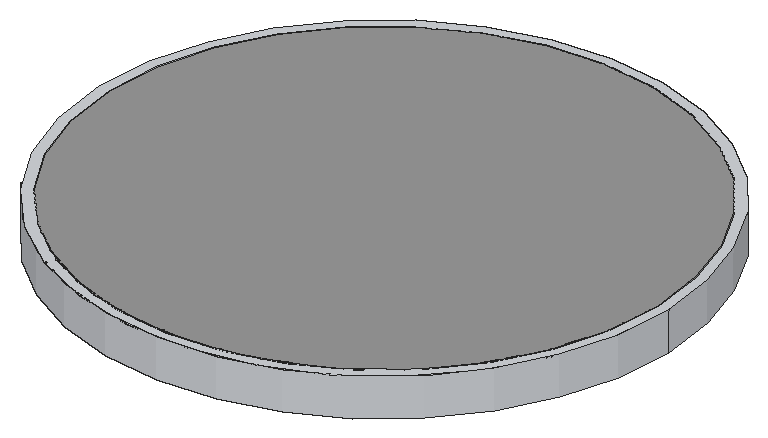
Revit family "2071236", category Lighting Fixtures, host Face, Revit 2018
Family settings
  Host = Face
  Round Connector Dimension = Use Diameter
  Part Type = Normal
  OmniClass Number = 23.80.70.00
  OmniClass Title = Lighting
  Cut with Voids When Loaded = No
  Light Source = Yes
  Shared = No
  Room Calculation Point = No
Parameters (values of type "2071236 COLOSSAL 900 830 OP DIR WHT SSC")
  iner diameter = 856 mm
  Weight = "n/a"
  Wattage Comments = ""
  Wattage = 30 W
  WarrantyStartDate [instance] = "n/a"
  WarrantyGuarantorParts = "n/a"
  WarrantyDurationUnit = "n/a"
  WarrantyDurationParts = ""
  WarrantyDescription = "http://www.sylvania-lighting.com"
  built-in parameter 1150110 = 1 (stored number, unit not read)
  Voltage = 230 V
  URL = "0.95"
  TypeName = "COLOSSAL 900mm 830 OPAL DIR WHITE SSC"
  Type Image = <None>
  Type Comments = "n/a"
  built-in parameter 1114217 = 1 (stored number, unit not read)
  Tilt Angle = -90.00°
  built-in parameter 1150109 = 1 (stored number, unit not read)
  built-in parameter 1150134 = (empty or 0)
  built-in parameter 1150113 = 1 (stored number, unit not read)
  SerialNumber [instance] = "n/a"
  Photometric Web File = "2071236.ies"
  Material_3_SYL = LED-Sylvania
  PowerFactor = 0
  PowerConsumption = "Lighting"
  NominalLength = 888 mm
  NominalHeight = 93 mm
  NominalDepth = 888 mm
  Name = "COLOSSAL 900mm 830 OPAL DIR WHITE SSC"
  ModelReference = Name  # "COLOSSAL 900mm 830 OPAL DIR WHITE SSC"
  ModelNumber = "2071236"
  Model = Name  # "COLOSSAL 900mm 830 OPAL DIR WHITE SSC"
  Material = "Feilo Sylvania"
  ManufacturerName = "135 lm/W"
  Manufacturer = ""
  LuminousEfficacy = ""
  built-in parameter 1150105 = 270.44 (stored number, unit not read)
  Lumens = 3398.4 lm
  LuminaireType = "0"
  built-in parameter 1150115 = 1 (stored number, unit not read)
  LightOutputRatio = "LED"
  built-in parameter 1150137 = (empty or 0)
  built-in parameter 1150139 = (empty or 0)
  LampsType = Lamp  # "n/a"
  LampNominalLuminous = "3000 K"
  LampMacAdamStep = "80"
  LampColourTemperature = "LED"
  LampColourRenderingIndex = "16500"
  built-in parameter 1150112 = 1 (stored number, unit not read)
  built-in parameter 1150114 = 1 (stored number, unit not read)
  Lamp = "n/a"
  Keynote = "n/a"
  InstallationDate [instance] = "n/a"
  InputVoltage = "0"
  InputNominalFrequency = "3000"
  built-in parameter 1150132 = (empty or 0)
  built-in parameter 1150102 = (empty or 0)
  built-in parameter 1150107 = 3000 (stored number, unit not read)
  built-in parameter 1150138 = (empty or 0)
  IngressProtection = "IfcLightFixtureType"
  ImpactProtectionIndex = "IfcLightFixtureType"
  built-in parameter 1150106 = 2.7044 (stored number, unit not read)
  IfcExportType = "IfcLightFixtureType"
  IfcExportAs = "Class I"
  Emit from Circle Diameter = 385 mm
  Emit Shape Visible in Rendering = no
  ElectricShockClassification = "135"
  built-in parameter 1150104 = 10.524 (stored number, unit not read)
  DocumentationLiterature = "http://www.sylvania-lighting.com/product/en-int/products/2071236"
  DimmingControlOptions = "n/a"
  Material_2_SYL = Polycarbonate_Sylvania_White
  Dimming Lamp Color Temperature Shift = <None>
  Description = "900mm diameter circular architectural luminaire, can be surface mounted or suspended. Powder coated aluminium housing (RAL9016) with polycarbonate opal diffuser. Direct light distribution, 10375lm luminuous flux, 76.8W system power, 135lm/W luminiaire efficacy. Sylsmart Standalone enabled. Colour rendering index Ra >80, 3000K Warm White LED, chromaticity tolerance of 3-step MacAdam ellipse. IP40/IP20, IK03. 450mA drive current. Electrical protection Class1, 220-240V. Reported lifetime 66k hours L90B10."
  Default Elevation = 1219.2 mm
  CreatedOn = "23/03/2022"
  CreatedBy = "@sylvania-lighting.com"
  Cost = 0
  Color Filter = 16777215
  built-in parameter 1114216 [instance] = (empty or 0)
  ClassificationValue = "EF_70_80"
  ClassificationName = "Uniclass2015"
  Material_1_SYL = Polycarbonate_Sylvania_Opal
  BarCode [instance] = "n/a"
  built-in parameter 1114218 = 1 (stored number, unit not read)
  built-in parameter 1150133 = 10 (stored number, unit not read)
  AssetType = "Fixed"
  AssetIdentifier [instance] = "n/a"
  Assembly Code = "D5020200"
  Apparent Load = 76.8 VA
  Material_4_SYL = none
Reference planes
  plane 1 "Center (Front/Back)": y = 0
  plane 2: z = 0
  plane 3 "Center (Left/Right)": x = 0
  plane 4: z = 1.161
  plane 5: z = 16.161
  plane 6: x = -444
  plane 7: x = 444
  plane 8: y = 444
  plane 9: y = -444
  plane 10: y = 236
  plane 11: y = -236
  plane 12: x = 85
  plane 13: x = -85
  plane 14: through (0, 0, 1219.2) normal (0.5, 0.866, 0)
  plane 15: through (42.5, 73.612, 1219.2) normal (0.5, 0.866, 0)
  plane 16: through (-42.5, -73.612, 1219.2) normal (0.5, 0.866, 0)
  plane 17: through (0, 0, 1219.2) normal (0.5, -0.866, 0)
  plane 18: through (-42.5, 73.612, 1219.2) normal (0.5, -0.866, 0)
  plane 19: through (42.5, -73.612, 1219.2) normal (0.5, -0.866, 0)
  plane 20: z = 93
  plane 21: y = 428
  plane 22: y = -428
Forms (mm)
  Extrusion 1, solid, detail levels medium+fine
    sketch origin (0, 0, 0) x (0.866025, -0.5, 0) y (0.5, 0.866025, 0)
      loop
        circle (-50, 86.603) r 22
    from 0 to 2
  Extrusion 2, solid, detail levels medium+fine
    sketch origin (0, 0, 0) x (0.866025, -0.5, 0) y (0.5, 0.866025, 0)
      loop
        circle (100, 0) r 22
      loop
        circle (-50, -86.603) r 22
    from 0 to 2
  Blend 3, solid, detail levels medium+fine
    base sketch origin (0, 0, 0) x (1, 0, 0) y (0, 1, 0)
      loop
        line (-85, 236) -> (-246.882, -44.388) -> (-161.882, -191.612) -> (161.882, -191.612) -> (246.882, -44.388) -> (85, 236) -> (-85, 236)
    top sketch origin (0, 0, 0) x (1, 0, 0) y (0, 1, 0)
      loop
        line (-85, 283.076) -> (-287.651, -67.926) -> (-207.792, -218.119) -> (207.792, -218.119) -> (292.5, -71.401) -> (85, 283.076) -> (-85, 283.076)
    from 0 to 33.022
  Extrusion 4, solid, detail levels medium+fine
    sketch origin (0, 0, 0) x (1, 0, 0) y (0, 1, 0)
      loop
        circle (0, 0) r 444
    from 33.022 to 93
  Extrusion 5, void
    sketch origin (0, 0, 0) x (1, 0, 0) y (0, 1, 0)
      loop
        circle (0, 0) r 428
    from 96.588 to 37.292
  Extrusion 6, solid, material "Glass, White, High Luminance", detail levels fine
    sketch origin (0, 0, 0) x (1, 0, 0) y (0, 1, 0)
      loop
        circle (0, 0) r 428
    from 87.991 to 93
  Extrusion 7, solid, detail levels coarse
    sketch origin (0, 0, 0) x (1, 0, 0) y (0, 1, 0)
      loop
        line (-444, 444) -> (-444, -444) -> (444, -444) -> (444, 444) -> (-444, 444)
    from 0 to 93.648
Cuts and joins
  Extrusion 5 cuts Extrusion 1
  Extrusion 5 cuts Extrusion 2
  Extrusion 5 cuts Blend 3
  Extrusion 5 cuts Extrusion 4
Lines and regions (mm)
  model lines, detail levels medium+fine
    curve 1: circle (0, 0, 0) r 100 normal (0, 0, 1)
Dimensions and locks
  "NominalDepth": plane 8 to plane 9
  plane 8 to plane 1 "Center (Front/Back)" to plane 9 = 444 mm, 444 mm
  "NominalLength": plane 6 to plane 7
  equal spacing: plane 6, plane 3 "Center (Left/Right)", plane 7
  "NominalHeight": level to plane 20
  "iner diameter": plane 21 to plane 22
  equal spacing: plane 21, plane 1 "Center (Front/Back)", plane 22
  aligned and locked: plane 2 to host face
  aligned and locked: level to host face
Automatic sketch dimensions
  host sketch curve to host sketch curve = 2438.4 mm  (x2)
  Extrusion 1 sketch curve to plane 3 "Center (Left/Right)" = 0 mm
  Extrusion 1 sketch curve to plane 1 "Center (Front/Back)" = 100 mm
  plane 1 "Center (Front/Back)" to Extrusion 2 sketch curve = 50 mm
  Extrusion 2 sketch curve to plane 3 "Center (Left/Right)" = 86.603 mm
  Extrusion 2 sketch curve to Extrusion 2 sketch curve = 150 mm
  Extrusion 2 sketch curve to Extrusion 2 sketch curve = 86.603 mm
  plane 1 "Center (Front/Back)" to curve 1 = 0 mm
  curve 1 to plane 3 "Center (Left/Right)" = 0 mm
  plane 18 to Blend 3 sketch curve = 0 mm  (x2)
  plane 19 to Blend 3 sketch curve = 0 mm  (x2)
  Blend 3 sketch curve to plane 10 = 0 mm
  Blend 3 sketch curve to plane 13 = 0 mm  (x2)
  Blend 3 sketch curve to plane 12 = 0 mm  (x2)
  Blend 3 sketch curve to plane 16 = 0 mm  (x2)
  Blend 3 sketch curve to plane 15 = 0 mm
  plane 11 to Blend 3 sketch curve = 44.388 mm
  plane 1 "Center (Front/Back)" to Blend 3 sketch curve = 44.388 mm  (x2)
  plane 11 to Blend 3 sketch curve = 17.881 mm
  plane 1 "Center (Front/Back)" to Blend 3 sketch curve = 67.926 mm
  plane 1 "Center (Front/Back)" to Blend 3 sketch curve = 71.401 mm
  Blend 3 sketch curve to plane 7 = 151.5 mm
  plane 10 to Blend 3 sketch curve = 47.076 mm
  plane 1 "Center (Front/Back)" to Extrusion 4 sketch curve = 0 mm
  Extrusion 4 sketch curve to plane 3 "Center (Left/Right)" = 0 mm
  plane 1 "Center (Front/Back)" to Extrusion 5 sketch curve = 0 mm
  Extrusion 5 sketch curve to plane 3 "Center (Left/Right)" = 0 mm
  plane 1 "Center (Front/Back)" to Extrusion 6 sketch curve = 0 mm
  Extrusion 6 sketch curve to plane 3 "Center (Left/Right)" = 0 mm
  Extrusion 7 sketch curve to plane 6 = 0 mm
  Extrusion 7 sketch curve to plane 7 = 0 mm
  Extrusion 7 sketch curve to plane 9 = 0 mm
  Extrusion 7 sketch curve to plane 8 = 0 mm
  radius of Extrusion 1 sketch curve = 22 mm
  radius of Extrusion 2 sketch curve = 22 mm  (x2)
  radius of curve 1 = 100 mm
  radius of Extrusion 4 sketch curve = 444 mm
  radius of Extrusion 5 sketch curve = 428 mm
  radius of Extrusion 6 sketch curve = 428 mm
Connectors
  electrical at (0, 0, 0), driven by "Apparent Load", driven by "PowerFactor", driven by "Voltage"
    settings: index 1, voltage 230 V, apparent load 76.8 VA, apparent load phase1 0 VA, apparent load phase2 0 VA, apparent load phase3 0 VA, power factor 0, load classification "Lighting", number of poles 1, system type 30, power factor state 1, is connector primary yes, connector utility no, sub classification motor no, connector description ""
